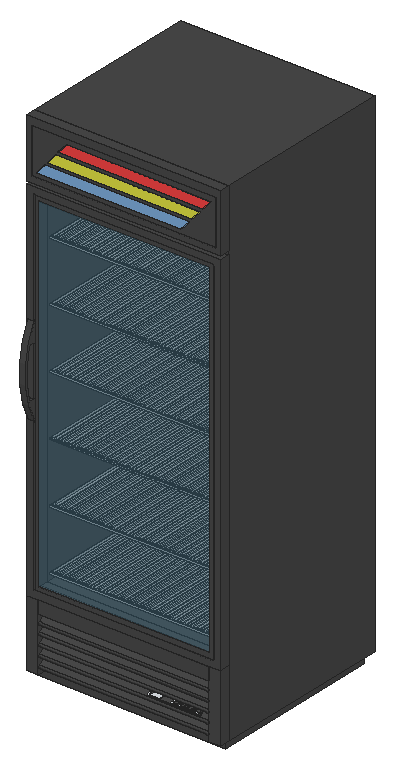
Revit family "QF_TRUE_GDM-26F-HC~TSL01", category Specialty Equipment, Revit 2016 (continued)
Definition of nested family "CASTER-LEGS"
  Parameters (values of type "CASTER-LEGS")
    Type Mark [instance] = ""
    Status [instance] = ""
    Specification by User [instance] = ""
    Specification by Manufacturer = ""
    Show Siesmic Flanged [instance] = yes
    Show 6 Inches Legs [instance] = yes
    Show 4" Casters [instance] = yes
    Show 2.5 Casters [instance] = yes
    Serial Number = ""
    Seismic Rating = ""
    SMACNA No = ""
    Revision Code [instance] = ""
    Omniclass Number and Title = ""
    NAFEM Spec ID Number = ""
    Model = ""
    MasterSpec. = ""
    Manufacturer = ""
    Low Profile [instance] = yes
    Item Number [instance] = ""
    Installed By [instance] = ""
    Identify Quantity as Lot [instance] = yes
    Furnished By [instance] = ""
    Foodservice Equipment Identifier [instance] = yes
    Description = ""
    CSI MasterFormat = ""
    CSI Master Format = ""
    Assembly Code = ""
  Reference planes (in)
    plane 1: z = 0
    plane 2 "RIGHT": x = 0
    plane 3 "FRONT": y = 0
    plane 4 "TOP": z = 6
    plane 5: z = 2.125
    plane 6: z = 2.5
    plane 7: z = 6.25
  Forms (in)
    Revolve 1, solid, visible <- "Show 6 Inches Legs"
      sketch origin (11.12172, 0, 0) x (-1, 0, 0) y (0, 0, -1)
        loop
          line (11.12172, -6) -> (11.12172, 0) -> (10.62172, 0) -> (10.62172, -1.30261) -> (10.37172, -1.30261) -> (10.37172, -6) -> (11.12172, -6)
        axis (11.12172, 0) -> (11.12172, -6)
      angle from 0 to 360
    Extrusion 2, solid, visible <- "Show Siesmic Flanged"
      sketch origin (0, 0, 0) x (1, 0, 0) y (0, 1, 0)
        loop
          circle (-0.00825, 0) r 1
      from 0 to 0.125
    Revolve 3, solid, visible <- "Show Siesmic Flanged"
      sketch origin (11.12172, 0, 0) x (-1, 0, 0) y (0, 0, -1)
        loop
          line (11.12172, -6) -> (11.12172, -0.125) -> (10.62172, -0.125) -> (10.62172, -1.30261) -> (10.37172, -1.30261) -> (10.37172, -6) -> (11.12172, -6)
        axis (11.12172, -0.125) -> (11.12172, -6)
      angle from 0 to 360
  Dimensions and locks (in)
    plane 4 "TOP" to level = 6"  (x2)
    locked: Revolve 1 sketch curve to Revolve 1 sketch curve at 1.30261
    locked: Revolve 1 sketch curve to Revolve 1 sketch curve at 0.75
    plane 6 to plane 1 = 2 1/2"
    plane 5 to plane 1 = 2 1/8"
    plane 7 to plane 1 = 6 1/4"
    locked: Revolve 3 sketch curve to Revolve 3 sketch curve at 0.75
    aligned and locked: level to plane 1
  Nested families (in)
    nested 1: "C4" at (0, 0, 0), Show 4 Inches Casters <- "Show 4" Casters", visible <- "Show 4" Casters", type "C4"
      with Type Mark "", Specification by User "", Show 4 Inches Casters yes, Revision Code "", Item Number "", Installed By "", Identify Quantity as Lot yes, Furnished By "", Foodservice Equipment Identifier yes
    nested 2: "C2.5" at (0, -0.86941, 0), 2.5 Inches Caster <- "Show 2.5 Casters", visible <- "Show 2.5 Casters", type "C2.5"
      with Type Mark "", Status "", Specification by User "", Revision Code "", Item Number "", Installed By "", Identify Quantity as Lot yes, Furnished By "", Foodservice Equipment Identifier yes, 2.5 Inches Caster yes
  Definition of nested family "C4"
    Parameters
      Weight = ""
      URL Manufacturer = ""
      URL Cutsheet = ""
      URL = ""
      Type Mark [instance] = ""
      Specification by User [instance] = ""
      Specification by Manufacturer = ""
      Show 4 Inches Casters [instance] = yes
      Serial Number = ""
      Seismic Rating = ""
      SMACNA No = ""
      Revision Code [instance] = ""
      Omniclass Number and Title = ""
      NAFEM Spec ID Number = ""
      Model = ""
      MasterSpec. = ""
      Manufacturer = ""
      Item Number [instance] = ""
      Installed By [instance] = ""
      Identify Quantity as Lot [instance] = yes
      Furnished By [instance] = ""
      Foodservice Equipment Identifier [instance] = yes
      Description = ""
      CSI MasterFormat = ""
      CSI Master Format = ""
      Assembly Code = ""
    Reference planes (in)
      plane 1: z = 0
      plane 2 "RIGHT": x = 0
      plane 3 "FRONT": y = 0
      plane 4 "TOP": z = 4
    Forms (in)
      Revolve 1, solid, visible <- "Show 4 Inches Casters"
        sketch origin (-1.93794, 0.83816, -1.0041) x (1, 0, 0) y (0, 0, 1)
          loop
            line (0.74055, 2.5041) -> (3.15007, 2.5041) -> (3.15007, 2.5796) -> (3.10007, 2.6296) -> (3.04007, 2.6296) -> (3.04007, 2.74967) -> (2.62438, 2.74967) -> (2.62438, 2.93884) -> (2.48438, 3.01967) -> (2.45908, 3.17597) -> (2.51563, 3.17597) -> (2.51563, 3.41035) -> (2.48438, 3.41035) -> (2.48438, 4.0041) -> (1.375, 4.0041) -> (1.375, 3.41035) -> (1.34375, 3.41035) -> (1.34375, 3.17597) -> (1.4003, 3.17597) -> (1.37557, 3.02318) -> (1.235, 2.94202) -> (1.235, 2.74967) -> (0.85055, 2.74967) -> (0.85055, 2.6296) -> (0.79055, 2.6296) -> (0.74055, 2.5796) -> (0.74055, 2.5041)
          axis (0.74055, 2.5041) -> (3.15007, 2.5041)
        angle from 0 to 360
      Extrusion 2, solid, visible <- "Show 4 Inches Casters"
        sketch origin (-1.93794, 1.80294, -1.7541) x (0, 1, 0) y (0, 0, 1)
          loop
            line (-3.08794, 5.33423) -> (-3.08794, 5.00584) -> (-2.69466, 5.00584)
            arc (-2.69466, 5.00584) -> (-1.57175, 4.94895) -> (-0.46376, 4.75787) r 9.36411
            arc (-0.46376, 4.75787) -> (-0.05889, 4.58436) -> (0.28335, 4.30705) r 1.60049
            line (0.28335, 4.30705) -> (0.34449, 4.39437)
            arc (0.34449, 4.39437) -> (0.12713, 4.6163) -> (-0.1239, 4.79931) r 1.8753
            line (-0.1239, 4.79931) -> (-0.05749, 4.91421)
            arc (-0.05749, 4.91421) -> (-0.33807, 5.05694) -> (-0.64294, 5.13542) r 1.44292
            line (-0.64294, 5.13542) -> (-0.64294, 5.33423) -> (-3.08794, 5.33423)
        from 1.1267 to 2.74918
      Revolve 3, solid, visible <- "Show 4 Inches Casters"
        sketch origin (0, 2.15543, -2.25) x (0, 1, 0) y (0, 0, 1)
          loop
            line (-2.21793, 6.25) -> (-2.21793, 5.83014) -> (-1.05793, 5.83014) -> (-1.05793, 6.25) -> (-2.21793, 6.25)
          axis (-2.21793, 5.83014) -> (-2.21793, 6.25)
        angle from 0 to 360
      Extrusion 4, solid, visible <- "Show 4 Inches Casters"
        sketch origin (-1.93794, 1.80294, -1.7541) x (0, 1, 0) y (0, 0, 1)
          loop
            line (-3.08794, 5.33423) -> (-3.08794, 5.00584) -> (-2.8913, 5.00584)
            arc (-2.8913, 5.00584) -> (-2.09118, 4.14057) -> (-1.45681, 3.14736) r 6.63355
            arc (-1.45681, 3.14736) -> (-0.85703, 2.75969) -> (-0.4561, 3.35069) r 0.5107
            arc (-0.4561, 3.35069) -> (-0.27092, 3.92503) -> (0.24034, 4.24562) r 0.88136
            line (0.24034, 4.24562) -> (0.34449, 4.39437)
            arc (0.34449, 4.39437) -> (0.12713, 4.6163) -> (-0.1239, 4.79931) r 1.8753
            line (-0.1239, 4.79931) -> (-0.05749, 4.91421)
            arc (-0.05749, 4.91421) -> (-0.33807, 5.05694) -> (-0.64294, 5.13542) r 1.44292
            line (-0.64294, 5.13542) -> (-0.64294, 5.33423) -> (-3.08794, 5.33423)
        from 2.74918 to 2.90825
      Extrusion 5, solid, visible <- "Show 4 Inches Casters"
        sketch origin (1.93794, 1.80294, -1.7541) x (0, 1, 0) y (0, 0, -1)
          loop
            line (-3.08794, -5.33423) -> (-0.64294, -5.33423) -> (-0.64294, -5.13542)
            arc (-0.64294, -5.13542) -> (-0.33807, -5.05694) -> (-0.05749, -4.91421) r 1.44292
            line (-0.05749, -4.91421) -> (-0.1239, -4.79931)
            arc (-0.1239, -4.79931) -> (0.12713, -4.6163) -> (0.34449, -4.39437) r 1.8753
            line (0.34449, -4.39437) -> (0.24034, -4.24562)
            arc (0.24034, -4.24562) -> (-0.27092, -3.92503) -> (-0.4561, -3.35069) r 0.88136
            arc (-0.4561, -3.35069) -> (-0.85703, -2.75969) -> (-1.45681, -3.14736) r 0.5107
            arc (-1.45681, -3.14736) -> (-2.09118, -4.14057) -> (-2.8913, -5.00584) r 6.63355
            line (-2.8913, -5.00584) -> (-3.08794, -5.00584) -> (-3.08794, -5.33423)
        from 2.74918 to 2.90825
    Cuts and joins
      joined: Extrusion 2, Extrusion 4, Extrusion 5
    Lines and regions (in)
      symbolic lines, visible <- "Show 4 Inches Casters"
        curve 1: line (0.28481, 1.83041, 0) -> (1.24556, 1.27572, 0)
        curve 2: line (-1.26206, -0.84886, 0) -> (0.28481, 1.83041, 0)
        curve 3: line (-0.30132, -1.40355, 0) -> (-1.26206, -0.84886, 0)
        curve 4: line (1.24556, 1.27572, 0) -> (-0.30132, -1.40355, 0)
    Dimensions and locks (in)
      plane 4 "TOP" to level = 4"  (x2)
      aligned and locked: level to plane 1
  Definition of nested family "C2.5"
    Parameters
      Weight = ""
      URL Manufacturer = ""
      URL Cutsheet = ""
      URL = ""
      Type Mark [instance] = ""
      Status [instance] = ""
      Specification by User [instance] = ""
      Specification by Manufacturer = ""
      Serial Number = ""
      Seismic Rating = ""
      SMACNA No = ""
      Revision Code [instance] = ""
      Omniclass Number and Title = ""
      NAFEM Spec ID Number = ""
      Model = ""
      MasterSpec. = ""
      Manufacturer = ""
      Item Number [instance] = ""
      Installed By [instance] = ""
      Identify Quantity as Lot [instance] = yes
      Furnished By [instance] = ""
      Foodservice Equipment Identifier [instance] = yes
      Description = ""
      CSI MasterFormat = ""
      CSI Master Format = ""
      Assembly Code = ""
      2.5 Inches Caster [instance] = yes
    Reference planes (in)
      plane 1: z = 0
      plane 2 "RIGHT": x = 0
      plane 3 "FRONT": y = 0
      plane 4 "TOP": z = 2.5
    Forms (in)
      Revolve 1, solid, visible <- "2.5 Inches Caster"
        sketch origin (-1.93794, 0.83816, -1.0041) x (1, 0, 0) y (0, 0, 1)
          loop
            line (0.74055, 1.92597) -> (0.74055, 1.85047) -> (0.79055, 1.80047) -> (0.85055, 1.80047) -> (0.85055, 1.6804) -> (1.235, 1.6804) -> (1.235, 1.61305) -> (1.38673, 1.52545) -> (1.4003, 1.4416) -> (1.34375, 1.4416) -> (1.34375, 1.3166) -> (1.375, 1.3166) -> (1.375, 1.0041) -> (2.48438, 1.0041) -> (2.48438, 1.3166) -> (2.51563, 1.3166) -> (2.51563, 1.4416) -> (2.45908, 1.4416) -> (2.47322, 1.52897) -> (2.62438, 1.61624) -> (2.62438, 1.6804) -> (3.04007, 1.6804) -> (3.04007, 1.80047) -> (3.10007, 1.80047) -> (3.15007, 1.85047) -> (3.15007, 1.92597) -> (0.74055, 1.92597)
          axis (0.74055, 1.92597) -> (3.15007, 1.92597)
        angle from 0 to 360
      Extrusion 2, solid, visible <- "2.5 Inches Caster"
        sketch origin (-1.93794, 1.80294, -3.2541) x (0, 1, 0) y (0, 0, 1)
          loop
            line (-0.64294, 5.43229) -> (-0.64294, 5.55298) -> (-2.21294, 5.55298) -> (-2.21294, 5.30272) -> (-1.81966, 5.30272)
            arc (-1.81966, 5.30272) -> (-1.13638, 5.20789) -> (-0.46376, 5.05475) r 8.02767
            arc (-0.46376, 5.05475) -> (-0.19511, 4.95469) -> (0.05138, 4.80832) r 1.60049
            line (0.05138, 4.80832) -> (0.12713, 4.91318)
            arc (0.12713, 4.91318) -> (-0.07255, 5.06376) -> (-0.29048, 5.18644) r 1.8753
            line (-0.29048, 5.18644) -> (-0.22239, 5.30423)
            arc (-0.22239, 5.30423) -> (-0.42776, 5.38437) -> (-0.64294, 5.43229) r 1.44292
        from 1.17357 to 2.70231
      Revolve 3, solid, visible <- "2.5 Inches Caster"
        sketch origin (0, 2.10856, -3.75) x (0, 1, 0) y (0, 0, 1)
          loop
            line (-1.73858, 6.25) -> (-1.73858, 6.04889) -> (-1.05793, 6.04889) -> (-1.05793, 6.25) -> (-1.73858, 6.25)
          axis (-1.73858, 6.04889) -> (-1.73858, 6.25)
        angle from 0 to 360
      Extrusion 4, solid, visible <- "2.5 Inches Caster"
        sketch origin (-1.98481, 1.80294, -1.7541) x (0, 1, 0) y (0, 0, 1)
          loop
            line (-2.21294, 4.05298) -> (-2.21294, 3.80272) -> (-2.13999, 3.80272)
            arc (-2.13999, 3.80272) -> (-1.62379, 3.51899) -> (-1.39241, 2.97729) r 0.90292
            arc (-1.39241, 2.97729) -> (-1.36136, 2.78161) -> (-1.29729, 2.59413) r 1.15385
            arc (-1.29729, 2.59413) -> (-0.94802, 2.37355) -> (-0.6121, 2.61396) r 0.37001
            arc (-0.6121, 2.61396) -> (-0.59625, 2.66241) -> (-0.58446, 2.712) r 0.61695
            arc (-0.58446, 2.712) -> (-0.36134, 3.11665) -> (0.05609, 3.31484) r 0.75313
            line (0.05609, 3.31484) -> (0.12713, 3.41318)
            arc (0.12713, 3.41318) -> (-0.07255, 3.56376) -> (-0.29048, 3.68644) r 1.8753
            line (-0.29048, 3.68644) -> (-0.22239, 3.80423)
            arc (-0.22239, 3.80423) -> (-0.42776, 3.88437) -> (-0.64294, 3.93229) r 1.44292
            line (-0.64294, 3.93229) -> (-0.64294, 4.05298) -> (-2.21294, 4.05298)
        from 2.74918 to 2.90825
      Extrusion 5, solid, visible <- "2.5 Inches Caster"
        sketch origin (1.98481, 1.80294, -1.7541) x (0, 1, 0) y (0, 0, -1)
          loop
            line (-2.21294, -4.05298) -> (-0.64294, -4.05298) -> (-0.64294, -3.93229)
            arc (-0.64294, -3.93229) -> (-0.42776, -3.88437) -> (-0.22239, -3.80423) r 1.44292
            line (-0.22239, -3.80423) -> (-0.29048, -3.68644)
            arc (-0.29048, -3.68644) -> (-0.07255, -3.56376) -> (0.12713, -3.41318) r 1.8753
            line (0.12713, -3.41318) -> (0.05609, -3.31484)
            arc (0.05609, -3.31484) -> (-0.36134, -3.11665) -> (-0.58446, -2.712) r 0.75313
            arc (-0.58446, -2.712) -> (-0.59625, -2.66241) -> (-0.6121, -2.61396) r 0.61695
            arc (-0.6121, -2.61396) -> (-0.94802, -2.37355) -> (-1.29729, -2.59413) r 0.37001
            arc (-1.29729, -2.59413) -> (-1.36136, -2.78161) -> (-1.39241, -2.97729) r 1.15385
            arc (-1.39241, -2.97729) -> (-1.62379, -3.51899) -> (-2.13999, -3.80272) r 0.90292
            line (-2.13999, -3.80272) -> (-2.21294, -3.80272) -> (-2.21294, -4.05298)
        from 2.74918 to 2.90825
    Lines and regions (in)
      symbolic lines, visible <- "2.5 Inches Caster"
        curve 1: line (0.10651, 1.96132, 0) -> (0.80944, 1.55548, 0)
        curve 2: line (-0.89349, 0.22927, 0) -> (0.10651, 1.96132, 0)
        curve 3: line (-0.19056, -0.17657, 0) -> (-0.89349, 0.22927, 0)
        curve 4: line (0.80944, 1.55548, 0) -> (-0.19056, -0.17657, 0)
    Dimensions and locks (in)
      plane 4 "TOP" to level = 2 1/2"  (x2)
      aligned and locked: level to plane 1
